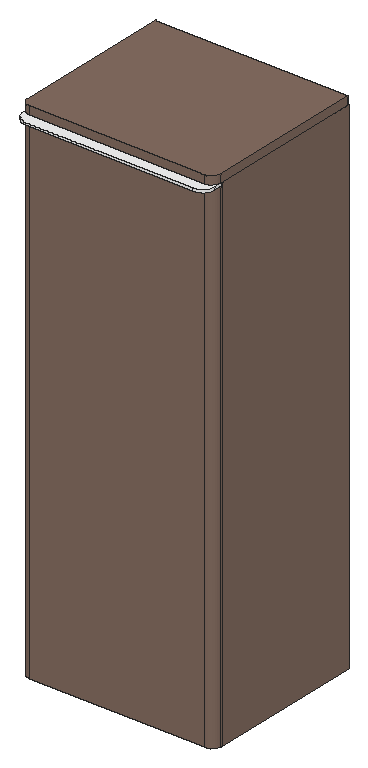
Revit family "mid-height cabinet, door hinge", category Furniture, Revit 2019 (continued)
Definition of nested family "mid-height cabinet 400_350, door hinge right-54132700-diamond matt grey-matt_white-400_content"
  Parameters (values of type "Mid-height cabinet 400_350, door hinge right-54132700-Diamond Matt Grey-MATT_WHITE-400_Content")
    OMNICLASS = "23-21 19 15 33 13 | Residential Bathroom Specialty Casework"
    OBJECTTYPE = "Object (single object)"
    OBERFLAECHE = "Diamond Matt Grey"
    NN = "Mid-height cabinet, door hinge"
    NBSYN = "$BASENUMBER.-$ARTNR.-$OBERFLAECHE.-$SURFACE.-$LODLEVEL."
    NB = "Mid-height cabinet 400/350, door hinge right-54132700-Diamond Matt Grey-MATT_WHITE-400"
    NAME = "Xelu Q Mid-height cabinet Diamond Matt Grey 400/350, door hinge right"
    Model = "Mid-height cabinet 400/350, door hinge right-54132700-Diamond Matt Grey-MATT_WHITE-400"
    Manufacturer = "Hansgrohe"
    MASTERFORMAT = "12 35 30.23 | Bathroom Casework"
    LODLEVEL = "400"
    LINA = "Mid-height cabinet 400/350, door hinge right-54132700-Diamond Matt Grey-MATT_WHITE-400"
    L = 400
    IFC = "Furnishing element"
    GTINCODE = "4059625458426"
    ETIM = "EC011381 | Bathroom furniture set"
    Default Elevation = 1219.2 mm
    DESIGN = "Germany"
    ContentVisible [instance] = yes
    CATALOG = "Hansgrohe"
    BIMOBJECT = "Sanitary: Compound units"
    BASENUMBER = "Mid-height cabinet 400/350, door hinge right"
    ARTNR = "54132700"
  Reference planes
    plane 1 "Center (Front/Back)": y = 0
    plane 2: z = 0
    plane 3 "Center (Left/Right)": x = 0
  Forms (mm)
    Extrusion 1, solid, visible <- "ContentVisible", detail levels medium+fine
      sketch origin (0, 0, 0) x (1, 0, 0) y (0, 1, 0)
        loop
          line (-200, 0) -> (-200, -325)
          arc (-200, -325) -> (-199.121, -327.121) -> (-197, -328) r 3
          line (-197, -328) -> (-184, -328) -> (-184, 0) -> (-200, 0)
      from 0 to 1050
    Extrusion 2, solid, visible <- "ContentVisible", detail levels medium+fine
      sketch origin (0, 0, 0) x (1, 0, 0) y (0, 1, 0)
        loop
          line (-184, -20) -> (-184, -327) -> (184, -327) -> (184, -20) -> (-184, -20)
      from 0 to 1050
    Extrusion 3, solid, visible <- "ContentVisible", detail levels medium+fine
      sketch origin (0, 0, 0) x (1, 0, 0) y (0, 1, 0)
        loop
          line (184, 0) -> (184, -328) -> (197, -328)
          arc (197, -328) -> (199.121, -327.121) -> (200, -325) r 3
          line (200, -325) -> (200, 0) -> (184, 0)
      from 0 to 1050
    Extrusion 4, solid, visible <- "ContentVisible", detail levels medium+fine
      sketch origin (0, 0, 2) x (1, 0, 0) y (0, 1, 0)
        loop
          line (-184, -16) -> (-184, -20) -> (184, -20) -> (184, -16) -> (-184, -16)
      from 0 to 1048
    Extrusion 5, solid, visible <- "ContentVisible", detail levels medium+fine
      sketch origin (0, 0, 2) x (1, 0, 0) y (0, 1, 0)
        loop
          arc (-200, -330) -> (-194.435, -343.435) -> (-181, -349) r 19
          line (-181, -349) -> (181, -349)
          arc (181, -349) -> (194.435, -343.435) -> (200, -330) r 19
          line (200, -330) -> (200, -328) -> (-200, -328) -> (-200, -330)
      from 0 to 1040
    Extrusion 6, solid, visible <- "ContentVisible", detail levels medium+fine
      sketch origin (0, 0, 1042) x (1, 0, 0) y (0, 1, 0)
        loop
          line (-198.5, -328) -> (-198.5, -344)
          arc (-198.5, -344) -> (-191.178, -361.678) -> (-173.5, -369) r 25
          line (-173.5, -369) -> (173.5, -369)
          arc (173.5, -369) -> (191.178, -361.678) -> (198.5, -344) r 25
          line (198.5, -344) -> (198.5, -328) -> (178.5, -328) -> (178.5, -326.5) -> (-178.5, -326.5) -> (-178.5, -328) -> (-198.5, -328)
      from 0 to 5
    Extrusion 7, solid, visible <- "ContentVisible", detail levels medium+fine
      sketch origin (0, 0, 1050) x (1, 0, 0) y (0, 1, 0)
        loop
          line (-200, -1.5) -> (-200, -331)
          arc (-200, -331) -> (-194.728, -343.728) -> (-182, -349) r 18
          line (-182, -349) -> (182, -349)
          arc (182, -349) -> (194.728, -343.728) -> (200, -331) r 18
          line (200, -331) -> (200, -1.5)
          arc (200, -1.5) -> (199.561, -0.439) -> (198.5, 0) r 1.5
          line (198.5, 0) -> (-198.5, 0)
          arc (-198.5, 0) -> (-199.561, -0.439) -> (-200, -1.5) r 1.5
      from 0 to 16
    Extrusion 8, solid, visible <- "ContentVisible", detail levels coarse
      sketch origin (0, -184.5, 0) x (1, 0, 0) y (0, 1, 0)
        loop
          line (-200, -184.5) -> (200, -184.5) -> (200, 184.5) -> (-200, 184.5) -> (-200, -184.5)
      from 0 to 1066
  Dimensions and locks
    aligned and locked: level to plane 2
Definition of nested family "mid-height cabinet 400_350, door hinge right-54133000-natural oak-chrome-200_content"
  Parameters (values of type "Mid-height cabinet 400_350, door hinge right-54133000-Natural Oak-CHROME-200_Content")
    etim7_EC011381 = "EC011381"
    WEIGHT = "25.3"
    UNSPSC = "56 | Furniture and Furnishings"
    UNIFORMATII = "E2010 | Fixed Furnishings"
    UNICLASS_2015_CODE = "40_30_78_05"
    UNICLASS2015 = "Pr_40_30_78_05 | Bathroom furniture"
    SURFACE = "CHROME"
    SPECIFICATION = "Surfaces:    - 54133000 Chrome  - 54133670 Matt Black  - 54133700 Matt White      Specification:"
    REGIONSET = "Worldwide"
    PRODUCTURL = "https://pro.hansgrohe.com/articledetail--54133000"
    PRODUCTGROUP = "bathroom vanity"
    PRODUCTFAMILY = "Xelu Q"
    PERMALINK = "54133XXX"
    OMNICLASS = "23-21 19 15 33 13 | Residential Bathroom Specialty Casework"
    OBJECTTYPE = "Object (single object)"
    OBERFLAECHE = "Natural Oak"
    NN = "Mid-height cabinet, door hinge"
    NBSYN = "$BASENUMBER.-$ARTNR.-$OBERFLAECHE.-$SURFACE.-$LODLEVEL."
    NB = "Mid-height cabinet 400/350, door hinge right-54133000-Natural Oak-CHROME-200"
    NAME = "Xelu Q Mid-height cabinet Natural Oak 400/350, door hinge right"
    Model = "Mid-height cabinet 400/350, door hinge right-54133000-Natural Oak-CHROME-200"
    Manufacturer = "Hansgrohe"
    MASTERFORMAT = "12 35 30.23 | Bathroom Casework"
    LODLEVEL = "200"
    LINA = "Mid-height cabinet 400/350, door hinge right-54133000-Natural Oak-CHROME-200"
    L = 400
    IFC = "Furnishing element"
    GTINCODE = "4059625458396"
    ETIM = "EC011381 | Bathroom furniture set"
    Default Elevation = 1219.2 mm
    DESIGN = "Germany"
    ContentVisible [instance] = yes
    CATALOG = "Hansgrohe"
    BIMOBJECT = "Sanitary: Compound units"
    BASENUMBER = "Mid-height cabinet 400/350, door hinge right"
    ARTNR = "54133000"
  Reference planes
    plane 1 "Center (Front/Back)": y = 0
    plane 2: z = 0
    plane 3 "Center (Left/Right)": x = 0
  Forms (mm)
    Extrusion 1, solid, visible <- "ContentVisible", detail levels medium+fine
      sketch origin (0, 0, 0) x (1, 0, 0) y (0, 1, 0)
        loop
          line (-200, 0) -> (-200, -349) -> (200, -349) -> (200, 0) -> (-200, 0)
      from 0 to 1066
    Extrusion 2, solid, visible <- "ContentVisible", detail levels medium+fine
      sketch origin (0, 0, 1042) x (1, 0, 0) y (0, 1, 0)
        loop
          line (-198.5, -328) -> (-198.5, -369) -> (198.5, -369) -> (198.5, -328) -> (178.5, -328) -> (178.5, -326.5) -> (-178.5, -326.5) -> (-178.5, -328) -> (-198.5, -328)
      from 0 to 5
    Extrusion 3, solid, visible <- "ContentVisible", detail levels coarse
      sketch origin (0, -184.5, 0) x (1, 0, 0) y (0, 1, 0)
        loop
          line (-200, -184.5) -> (200, -184.5) -> (200, 184.5) -> (-200, 184.5) -> (-200, -184.5)
      from 0 to 1066
  Dimensions and locks
    aligned and locked: level to plane 2
Definition of nested family "mid-height cabinet 400_350, door hinge right-54133000-natural oak-chrome-400_content"
  Parameters (values of type "Mid-height cabinet 400_350, door hinge right-54133000-Natural Oak-CHROME-400_Content")
    etim7_EC011381 = "EC011381"
    WEIGHT = "25.3"
    UNSPSC = "56 | Furniture and Furnishings"
    UNIFORMATII = "E2010 | Fixed Furnishings"
    UNICLASS_2015_CODE = "40_30_78_05"
    UNICLASS2015 = "Pr_40_30_78_05 | Bathroom furniture"
    SURFACE = "CHROME"
    SPECIFICATION = "Surfaces:    - 54133000 Chrome  - 54133670 Matt Black  - 54133700 Matt White      Specification:"
    REGIONSET = "Worldwide"
    PRODUCTURL = "https://pro.hansgrohe.com/articledetail--54133000"
    PRODUCTGROUP = "bathroom vanity"
    PRODUCTFAMILY = "Xelu Q"
    PERMALINK = "54133XXX"
    OMNICLASS = "23-21 19 15 33 13 | Residential Bathroom Specialty Casework"
    OBJECTTYPE = "Object (single object)"
    OBERFLAECHE = "Natural Oak"
    NN = "Mid-height cabinet, door hinge"
    NBSYN = "$BASENUMBER.-$ARTNR.-$OBERFLAECHE.-$SURFACE.-$LODLEVEL."
    NB = "Mid-height cabinet 400/350, door hinge right-54133000-Natural Oak-CHROME-400"
    NAME = "Xelu Q Mid-height cabinet Natural Oak 400/350, door hinge right"
    Model = "Mid-height cabinet 400/350, door hinge right-54133000-Natural Oak-CHROME-400"
    Manufacturer = "Hansgrohe"
    MASTERFORMAT = "12 35 30.23 | Bathroom Casework"
    LODLEVEL = "400"
    LINA = "Mid-height cabinet 400/350, door hinge right-54133000-Natural Oak-CHROME-400"
    L = 400
    IFC = "Furnishing element"
    GTINCODE = "4059625458396"
    ETIM = "EC011381 | Bathroom furniture set"
    Default Elevation = 1219.2 mm
    DESIGN = "Germany"
    ContentVisible [instance] = yes
    CATALOG = "Hansgrohe"
    BIMOBJECT = "Sanitary: Compound units"
    BASENUMBER = "Mid-height cabinet 400/350, door hinge right"
    ARTNR = "54133000"
  Reference planes
    plane 1 "Center (Front/Back)": y = 0
    plane 2: z = 0
    plane 3 "Center (Left/Right)": x = 0
  Forms (mm)
    Extrusion 1, solid, visible <- "ContentVisible", detail levels medium+fine
      sketch origin (0, 0, 0) x (1, 0, 0) y (0, 1, 0)
        loop
          line (-200, 0) -> (-200, -325)
          arc (-200, -325) -> (-199.121, -327.121) -> (-197, -328) r 3
          line (-197, -328) -> (-184, -328) -> (-184, 0) -> (-200, 0)
      from 0 to 1050
    Extrusion 2, solid, visible <- "ContentVisible", detail levels medium+fine
      sketch origin (0, 0, 0) x (1, 0, 0) y (0, 1, 0)
        loop
          line (-184, -20) -> (-184, -327) -> (184, -327) -> (184, -20) -> (-184, -20)
      from 0 to 1050
    Extrusion 3, solid, visible <- "ContentVisible", detail levels medium+fine
      sketch origin (0, 0, 0) x (1, 0, 0) y (0, 1, 0)
        loop
          line (184, 0) -> (184, -328) -> (197, -328)
          arc (197, -328) -> (199.121, -327.121) -> (200, -325) r 3
          line (200, -325) -> (200, 0) -> (184, 0)
      from 0 to 1050
    Extrusion 4, solid, visible <- "ContentVisible", detail levels medium+fine
      sketch origin (0, 0, 2) x (1, 0, 0) y (0, 1, 0)
        loop
          line (-184, -16) -> (-184, -20) -> (184, -20) -> (184, -16) -> (-184, -16)
      from 0 to 1048
    Extrusion 5, solid, visible <- "ContentVisible", detail levels medium+fine
      sketch origin (0, 0, 2) x (1, 0, 0) y (0, 1, 0)
        loop
          arc (-200, -330) -> (-194.435, -343.435) -> (-181, -349) r 19
          line (-181, -349) -> (181, -349)
          arc (181, -349) -> (194.435, -343.435) -> (200, -330) r 19
          line (200, -330) -> (200, -328) -> (-200, -328) -> (-200, -330)
      from 0 to 1040
    Extrusion 6, solid, visible <- "ContentVisible", detail levels medium+fine
      sketch origin (0, 0, 1042) x (1, 0, 0) y (0, 1, 0)
        loop
          line (-198.5, -328) -> (-198.5, -344)
          arc (-198.5, -344) -> (-191.178, -361.678) -> (-173.5, -369) r 25
          line (-173.5, -369) -> (173.5, -369)
          arc (173.5, -369) -> (191.178, -361.678) -> (198.5, -344) r 25
          line (198.5, -344) -> (198.5, -328) -> (178.5, -328) -> (178.5, -326.5) -> (-178.5, -326.5) -> (-178.5, -328) -> (-198.5, -328)
      from 0 to 5
    Extrusion 7, solid, visible <- "ContentVisible", detail levels medium+fine
      sketch origin (0, 0, 1050) x (1, 0, 0) y (0, 1, 0)
        loop
          line (-200, -1.5) -> (-200, -331)
          arc (-200, -331) -> (-194.728, -343.728) -> (-182, -349) r 18
          line (-182, -349) -> (182, -349)
          arc (182, -349) -> (194.728, -343.728) -> (200, -331) r 18
          line (200, -331) -> (200, -1.5)
          arc (200, -1.5) -> (199.561, -0.439) -> (198.5, 0) r 1.5
          line (198.5, 0) -> (-198.5, 0)
          arc (-198.5, 0) -> (-199.561, -0.439) -> (-200, -1.5) r 1.5
      from 0 to 16
    Extrusion 8, solid, visible <- "ContentVisible", detail levels coarse
      sketch origin (0, -184.5, 0) x (1, 0, 0) y (0, 1, 0)
        loop
          line (-200, -184.5) -> (200, -184.5) -> (200, 184.5) -> (-200, 184.5) -> (-200, -184.5)
      from 0 to 1066
  Dimensions and locks
    aligned and locked: level to plane 2
Definition of nested family "mid-height cabinet 400_350, door hinge right-54133670-natural oak-matt_black-200_content"
  Parameters (values of type "Mid-height cabinet 400_350, door hinge right-54133670-Natural Oak-MATT_BLACK-200_Content")
    etim7_EC011381 = "EC011381"
    WEIGHT = "25.3"
    UNSPSC = "56 | Furniture and Furnishings"
    UNIFORMATII = "E2010 | Fixed Furnishings"
    UNICLASS_2015_CODE = "40_30_78_05"
    UNICLASS2015 = "Pr_40_30_78_05 | Bathroom furniture"
    SURFACE = "MATT_BLACK"
    SPECIFICATION = "Surfaces:    - 54133000 Chrome  - 54133670 Matt Black  - 54133700 Matt White      Specification:"
    REGIONSET = "Worldwide"
    PRODUCTURL = "https://pro.hansgrohe.com/articledetail--54133000"
    PRODUCTGROUP = "bathroom vanity"
    PRODUCTFAMILY = "Xelu Q"
    PERMALINK = "54133XXX"
    OMNICLASS = "23-21 19 15 33 13 | Residential Bathroom Specialty Casework"
    OBJECTTYPE = "Object (single object)"
    OBERFLAECHE = "Natural Oak"
    NN = "Mid-height cabinet, door hinge"
    NBSYN = "$BASENUMBER.-$ARTNR.-$OBERFLAECHE.-$SURFACE.-$LODLEVEL."
    NB = "Mid-height cabinet 400/350, door hinge right-54133670-Natural Oak-MATT_BLACK-200"
    NAME = "Xelu Q Mid-height cabinet Natural Oak 400/350, door hinge right"
    Model = "Mid-height cabinet 400/350, door hinge right-54133670-Natural Oak-MATT_BLACK-200"
    Manufacturer = "Hansgrohe"
    MASTERFORMAT = "12 35 30.23 | Bathroom Casework"
    LODLEVEL = "200"
    LINA = "Mid-height cabinet 400/350, door hinge right-54133670-Natural Oak-MATT_BLACK-200"
    L = 400
    IFC = "Furnishing element"
    GTINCODE = "4059625458396"
    ETIM = "EC011381 | Bathroom furniture set"
    Default Elevation = 1219.2 mm
    DESIGN = "Germany"
    ContentVisible [instance] = yes
    CATALOG = "Hansgrohe"
    BIMOBJECT = "Sanitary: Compound units"
    BASENUMBER = "Mid-height cabinet 400/350, door hinge right"
    ARTNR = "54133670"
  Reference planes
    plane 1 "Center (Front/Back)": y = 0
    plane 2: z = 0
    plane 3 "Center (Left/Right)": x = 0
  Forms (mm)
    Extrusion 1, solid, visible <- "ContentVisible", detail levels medium+fine
      sketch origin (0, 0, 0) x (1, 0, 0) y (0, 1, 0)
        loop
          line (-200, 0) -> (-200, -349) -> (200, -349) -> (200, 0) -> (-200, 0)
      from 0 to 1066
    Extrusion 2, solid, visible <- "ContentVisible", detail levels medium+fine
      sketch origin (0, 0, 1042) x (1, 0, 0) y (0, 1, 0)
        loop
          line (-198.5, -328) -> (-198.5, -369) -> (198.5, -369) -> (198.5, -328) -> (178.5, -328) -> (178.5, -326.5) -> (-178.5, -326.5) -> (-178.5, -328) -> (-198.5, -328)
      from 0 to 5
    Extrusion 3, solid, visible <- "ContentVisible", detail levels coarse
      sketch origin (0, -184.5, 0) x (1, 0, 0) y (0, 1, 0)
        loop
          line (-200, -184.5) -> (200, -184.5) -> (200, 184.5) -> (-200, 184.5) -> (-200, -184.5)
      from 0 to 1066
  Dimensions and locks
    aligned and locked: level to plane 2
Definition of nested family "mid-height cabinet 400_350, door hinge right-54133670-natural oak-matt_black-400_content"
  Parameters (values of type "Mid-height cabinet 400_350, door hinge right-54133670-Natural Oak-MATT_BLACK-400_Content")
    etim7_EC011381 = "EC011381"
    WEIGHT = "25.3"
    UNSPSC = "56 | Furniture and Furnishings"
    UNIFORMATII = "E2010 | Fixed Furnishings"
    UNICLASS_2015_CODE = "40_30_78_05"
    UNICLASS2015 = "Pr_40_30_78_05 | Bathroom furniture"
    SURFACE = "MATT_BLACK"
    SPECIFICATION = "Surfaces:    - 54133000 Chrome  - 54133670 Matt Black  - 54133700 Matt White      Specification:"
    REGIONSET = "Worldwide"
    PRODUCTURL = "https://pro.hansgrohe.com/articledetail--54133000"
    PRODUCTGROUP = "bathroom vanity"
    PRODUCTFAMILY = "Xelu Q"
    PERMALINK = "54133XXX"
    OMNICLASS = "23-21 19 15 33 13 | Residential Bathroom Specialty Casework"
    OBJECTTYPE = "Object (single object)"
    OBERFLAECHE = "Natural Oak"
    NN = "Mid-height cabinet, door hinge"
    NBSYN = "$BASENUMBER.-$ARTNR.-$OBERFLAECHE.-$SURFACE.-$LODLEVEL."
    NB = "Mid-height cabinet 400/350, door hinge right-54133670-Natural Oak-MATT_BLACK-400"
    NAME = "Xelu Q Mid-height cabinet Natural Oak 400/350, door hinge right"
    Model = "Mid-height cabinet 400/350, door hinge right-54133670-Natural Oak-MATT_BLACK-400"
    Manufacturer = "Hansgrohe"
    MASTERFORMAT = "12 35 30.23 | Bathroom Casework"
    LODLEVEL = "400"
    LINA = "Mid-height cabinet 400/350, door hinge right-54133670-Natural Oak-MATT_BLACK-400"
    L = 400
    IFC = "Furnishing element"
    GTINCODE = "4059625458396"
    ETIM = "EC011381 | Bathroom furniture set"
    Default Elevation = 1219.2 mm
    DESIGN = "Germany"
    ContentVisible [instance] = yes
    CATALOG = "Hansgrohe"
    BIMOBJECT = "Sanitary: Compound units"
    BASENUMBER = "Mid-height cabinet 400/350, door hinge right"
    ARTNR = "54133670"
  Reference planes
    plane 1 "Center (Front/Back)": y = 0
    plane 2: z = 0
    plane 3 "Center (Left/Right)": x = 0
  Forms (mm)
    Extrusion 1, solid, visible <- "ContentVisible", detail levels medium+fine
      sketch origin (0, 0, 0) x (1, 0, 0) y (0, 1, 0)
        loop
          line (-200, 0) -> (-200, -325)
          arc (-200, -325) -> (-199.121, -327.121) -> (-197, -328) r 3
          line (-197, -328) -> (-184, -328) -> (-184, 0) -> (-200, 0)
      from 0 to 1050
    Extrusion 2, solid, visible <- "ContentVisible", detail levels medium+fine
      sketch origin (0, 0, 0) x (1, 0, 0) y (0, 1, 0)
        loop
          line (-184, -20) -> (-184, -327) -> (184, -327) -> (184, -20) -> (-184, -20)
      from 0 to 1050
    Extrusion 3, solid, visible <- "ContentVisible", detail levels medium+fine
      sketch origin (0, 0, 0) x (1, 0, 0) y (0, 1, 0)
        loop
          line (184, 0) -> (184, -328) -> (197, -328)
          arc (197, -328) -> (199.121, -327.121) -> (200, -325) r 3
          line (200, -325) -> (200, 0) -> (184, 0)
      from 0 to 1050
    Extrusion 4, solid, visible <- "ContentVisible", detail levels medium+fine
      sketch origin (0, 0, 2) x (1, 0, 0) y (0, 1, 0)
        loop
          line (-184, -16) -> (-184, -20) -> (184, -20) -> (184, -16) -> (-184, -16)
      from 0 to 1048
    Extrusion 5, solid, visible <- "ContentVisible", detail levels medium+fine
      sketch origin (0, 0, 2) x (1, 0, 0) y (0, 1, 0)
        loop
          arc (-200, -330) -> (-194.435, -343.435) -> (-181, -349) r 19
          line (-181, -349) -> (181, -349)
          arc (181, -349) -> (194.435, -343.435) -> (200, -330) r 19
          line (200, -330) -> (200, -328) -> (-200, -328) -> (-200, -330)
      from 0 to 1040
    Extrusion 6, solid, visible <- "ContentVisible", detail levels medium+fine
      sketch origin (0, 0, 1042) x (1, 0, 0) y (0, 1, 0)
        loop
          line (-198.5, -328) -> (-198.5, -344)
          arc (-198.5, -344) -> (-191.178, -361.678) -> (-173.5, -369) r 25
          line (-173.5, -369) -> (173.5, -369)
          arc (173.5, -369) -> (191.178, -361.678) -> (198.5, -344) r 25
          line (198.5, -344) -> (198.5, -328) -> (178.5, -328) -> (178.5, -326.5) -> (-178.5, -326.5) -> (-178.5, -328) -> (-198.5, -328)
      from 0 to 5
    Extrusion 7, solid, visible <- "ContentVisible", detail levels medium+fine
      sketch origin (0, 0, 1050) x (1, 0, 0) y (0, 1, 0)
        loop
          line (-200, -1.5) -> (-200, -331)
          arc (-200, -331) -> (-194.728, -343.728) -> (-182, -349) r 18
          line (-182, -349) -> (182, -349)
          arc (182, -349) -> (194.728, -343.728) -> (200, -331) r 18
          line (200, -331) -> (200, -1.5)
          arc (200, -1.5) -> (199.561, -0.439) -> (198.5, 0) r 1.5
          line (198.5, 0) -> (-198.5, 0)
          arc (-198.5, 0) -> (-199.561, -0.439) -> (-200, -1.5) r 1.5
      from 0 to 16
    Extrusion 8, solid, visible <- "ContentVisible", detail levels coarse
      sketch origin (0, -184.5, 0) x (1, 0, 0) y (0, 1, 0)
        loop
          line (-200, -184.5) -> (200, -184.5) -> (200, 184.5) -> (-200, 184.5) -> (-200, -184.5)
      from 0 to 1066
  Dimensions and locks
    aligned and locked: level to plane 2
Definition of nested family "mid-height cabinet 400_350, door hinge right-54133700-natural oak-matt_white-200_content"
  Parameters (values of type "Mid-height cabinet 400_350, door hinge right-54133700-Natural Oak-MATT_WHITE-200_Content")
    etim7_EC011381 = "EC011381"
    WEIGHT = "25.3"
    UNSPSC = "56 | Furniture and Furnishings"
    UNIFORMATII = "E2010 | Fixed Furnishings"
    UNICLASS_2015_CODE = "40_30_78_05"
    UNICLASS2015 = "Pr_40_30_78_05 | Bathroom furniture"
    SURFACE = "MATT_WHITE"
    SPECIFICATION = "Surfaces:    - 54133000 Chrome  - 54133670 Matt Black  - 54133700 Matt White      Specification:"
    REGIONSET = "Worldwide"
    PRODUCTURL = "https://pro.hansgrohe.com/articledetail--54133000"
    PRODUCTGROUP = "bathroom vanity"
    PRODUCTFAMILY = "Xelu Q"
    PERMALINK = "54133XXX"
    OMNICLASS = "23-21 19 15 33 13 | Residential Bathroom Specialty Casework"
    OBJECTTYPE = "Object (single object)"
    OBERFLAECHE = "Natural Oak"
    NN = "Mid-height cabinet, door hinge"
    NBSYN = "$BASENUMBER.-$ARTNR.-$OBERFLAECHE.-$SURFACE.-$LODLEVEL."
    NB = "Mid-height cabinet 400/350, door hinge right-54133700-Natural Oak-MATT_WHITE-200"
    NAME = "Xelu Q Mid-height cabinet Natural Oak 400/350, door hinge right"
    Model = "Mid-height cabinet 400/350, door hinge right-54133700-Natural Oak-MATT_WHITE-200"
    Manufacturer = "Hansgrohe"
    MASTERFORMAT = "12 35 30.23 | Bathroom Casework"
    LODLEVEL = "200"
    LINA = "Mid-height cabinet 400/350, door hinge right-54133700-Natural Oak-MATT_WHITE-200"
    L = 400
    IFC = "Furnishing element"
    GTINCODE = "4059625458396"
    ETIM = "EC011381 | Bathroom furniture set"
    Default Elevation = 1219.2 mm
    DESIGN = "Germany"
    ContentVisible [instance] = yes
    CATALOG = "Hansgrohe"
    BIMOBJECT = "Sanitary: Compound units"
    BASENUMBER = "Mid-height cabinet 400/350, door hinge right"
    ARTNR = "54133700"
  Reference planes
    plane 1 "Center (Front/Back)": y = 0
    plane 2: z = 0
    plane 3 "Center (Left/Right)": x = 0
  Forms (mm)
    Extrusion 1, solid, visible <- "ContentVisible", detail levels medium+fine
      sketch origin (0, 0, 0) x (1, 0, 0) y (0, 1, 0)
        loop
          line (-200, 0) -> (-200, -349) -> (200, -349) -> (200, 0) -> (-200, 0)
      from 0 to 1066
    Extrusion 2, solid, visible <- "ContentVisible", detail levels medium+fine
      sketch origin (0, 0, 1042) x (1, 0, 0) y (0, 1, 0)
        loop
          line (-198.5, -328) -> (-198.5, -369) -> (198.5, -369) -> (198.5, -328) -> (178.5, -328) -> (178.5, -326.5) -> (-178.5, -326.5) -> (-178.5, -328) -> (-198.5, -328)
      from 0 to 5
    Extrusion 3, solid, visible <- "ContentVisible", detail levels coarse
      sketch origin (0, -184.5, 0) x (1, 0, 0) y (0, 1, 0)
        loop
          line (-200, -184.5) -> (200, -184.5) -> (200, 184.5) -> (-200, 184.5) -> (-200, -184.5)
      from 0 to 1066
  Dimensions and locks
    aligned and locked: level to plane 2
Definition of nested family "mid-height cabinet 400_350, door hinge right-54133700-natural oak-matt_white-400_content"
  Parameters (values of type "Mid-height cabinet 400_350, door hinge right-54133700-Natural Oak-MATT_WHITE-400_Content")
    etim7_EC011381 = "EC011381"
    WEIGHT = "25.3"
    UNSPSC = "56 | Furniture and Furnishings"
    UNIFORMATII = "E2010 | Fixed Furnishings"
    UNICLASS_2015_CODE = "40_30_78_05"
    UNICLASS2015 = "Pr_40_30_78_05 | Bathroom furniture"
    SURFACE = "MATT_WHITE"
    SPECIFICATION = "Surfaces:    - 54133000 Chrome  - 54133670 Matt Black  - 54133700 Matt White      Specification:"
    REGIONSET = "Worldwide"
    PRODUCTURL = "https://pro.hansgrohe.com/articledetail--54133000"
    PRODUCTGROUP = "bathroom vanity"
    PRODUCTFAMILY = "Xelu Q"
    PERMALINK = "54133XXX"
    OMNICLASS = "23-21 19 15 33 13 | Residential Bathroom Specialty Casework"
    OBJECTTYPE = "Object (single object)"
    OBERFLAECHE = "Natural Oak"
    NN = "Mid-height cabinet, door hinge"
    NBSYN = "$BASENUMBER.-$ARTNR.-$OBERFLAECHE.-$SURFACE.-$LODLEVEL."
    NB = "Mid-height cabinet 400/350, door hinge right-54133700-Natural Oak-MATT_WHITE-400"
    NAME = "Xelu Q Mid-height cabinet Natural Oak 400/350, door hinge right"
    Model = "Mid-height cabinet 400/350, door hinge right-54133700-Natural Oak-MATT_WHITE-400"
    Manufacturer = "Hansgrohe"
    MASTERFORMAT = "12 35 30.23 | Bathroom Casework"
    LODLEVEL = "400"
    LINA = "Mid-height cabinet 400/350, door hinge right-54133700-Natural Oak-MATT_WHITE-400"
    L = 400
    IFC = "Furnishing element"
    GTINCODE = "4059625458396"
    ETIM = "EC011381 | Bathroom furniture set"
    Default Elevation = 1219.2 mm
    DESIGN = "Germany"
    ContentVisible [instance] = yes
    CATALOG = "Hansgrohe"
    BIMOBJECT = "Sanitary: Compound units"
    BASENUMBER = "Mid-height cabinet 400/350, door hinge right"
    ARTNR = "54133700"
  Reference planes
    plane 1 "Center (Front/Back)": y = 0
    plane 2: z = 0
    plane 3 "Center (Left/Right)": x = 0
  Forms (mm)
    Extrusion 1, solid, visible <- "ContentVisible", detail levels medium+fine
      sketch origin (0, 0, 0) x (1, 0, 0) y (0, 1, 0)
        loop
          line (-200, 0) -> (-200, -325)
          arc (-200, -325) -> (-199.121, -327.121) -> (-197, -328) r 3
          line (-197, -328) -> (-184, -328) -> (-184, 0) -> (-200, 0)
      from 0 to 1050
    Extrusion 2, solid, visible <- "ContentVisible", detail levels medium+fine
      sketch origin (0, 0, 0) x (1, 0, 0) y (0, 1, 0)
        loop
          line (-184, -20) -> (-184, -327) -> (184, -327) -> (184, -20) -> (-184, -20)
      from 0 to 1050
    Extrusion 3, solid, visible <- "ContentVisible", detail levels medium+fine
      sketch origin (0, 0, 0) x (1, 0, 0) y (0, 1, 0)
        loop
          line (184, 0) -> (184, -328) -> (197, -328)
          arc (197, -328) -> (199.121, -327.121) -> (200, -325) r 3
          line (200, -325) -> (200, 0) -> (184, 0)
      from 0 to 1050
    Extrusion 4, solid, visible <- "ContentVisible", detail levels medium+fine
      sketch origin (0, 0, 2) x (1, 0, 0) y (0, 1, 0)
        loop
          line (-184, -16) -> (-184, -20) -> (184, -20) -> (184, -16) -> (-184, -16)
      from 0 to 1048
    Extrusion 5, solid, visible <- "ContentVisible", detail levels medium+fine
      sketch origin (0, 0, 2) x (1, 0, 0) y (0, 1, 0)
        loop
          arc (-200, -330) -> (-194.435, -343.435) -> (-181, -349) r 19
          line (-181, -349) -> (181, -349)
          arc (181, -349) -> (194.435, -343.435) -> (200, -330) r 19
          line (200, -330) -> (200, -328) -> (-200, -328) -> (-200, -330)
      from 0 to 1040
    Extrusion 6, solid, visible <- "ContentVisible", detail levels medium+fine
      sketch origin (0, 0, 1042) x (1, 0, 0) y (0, 1, 0)
        loop
          line (-198.5, -328) -> (-198.5, -344)
          arc (-198.5, -344) -> (-191.178, -361.678) -> (-173.5, -369) r 25
          line (-173.5, -369) -> (173.5, -369)
          arc (173.5, -369) -> (191.178, -361.678) -> (198.5, -344) r 25
          line (198.5, -344) -> (198.5, -328) -> (178.5, -328) -> (178.5, -326.5) -> (-178.5, -326.5) -> (-178.5, -328) -> (-198.5, -328)
      from 0 to 5
    Extrusion 7, solid, visible <- "ContentVisible", detail levels medium+fine
      sketch origin (0, 0, 1050) x (1, 0, 0) y (0, 1, 0)
        loop
          line (-200, -1.5) -> (-200, -331)
          arc (-200, -331) -> (-194.728, -343.728) -> (-182, -349) r 18
          line (-182, -349) -> (182, -349)
          arc (182, -349) -> (194.728, -343.728) -> (200, -331) r 18
          line (200, -331) -> (200, -1.5)
          arc (200, -1.5) -> (199.561, -0.439) -> (198.5, 0) r 1.5
          line (198.5, 0) -> (-198.5, 0)
          arc (-198.5, 0) -> (-199.561, -0.439) -> (-200, -1.5) r 1.5
      from 0 to 16
    Extrusion 8, solid, visible <- "ContentVisible", detail levels coarse
      sketch origin (0, -184.5, 0) x (1, 0, 0) y (0, 1, 0)
        loop
          line (-200, -184.5) -> (200, -184.5) -> (200, 184.5) -> (-200, 184.5) -> (-200, -184.5)
      from 0 to 1066
  Dimensions and locks
    aligned and locked: level to plane 2
Definition of nested family "mid-height cabinet 400_350, door hinge right-54134000-dark walnut-chrome-200_content"
  Parameters (values of type "Mid-height cabinet 400_350, door hinge right-54134000-Dark Walnut-CHROME-200_Content")
    etim7_EC011381 = "EC011381"
    WEIGHT = "25.3"
    UNSPSC = "56 | Furniture and Furnishings"
    UNIFORMATII = "E2010 | Fixed Furnishings"
    UNICLASS_2015_CODE = "40_30_78_05"
    UNICLASS2015 = "Pr_40_30_78_05 | Bathroom furniture"
    SURFACE = "CHROME"
    SPECIFICATION = "Surfaces:    - 54134000 Chrome  - 54134670 Matt Black  - 54134700 Matt White      Specification:"
    REGIONSET = "Worldwide"
    PRODUCTURL = "https://pro.hansgrohe.com/articledetail--54134000"
    PRODUCTGROUP = "bathroom vanity"
    PRODUCTFAMILY = "Xelu Q"
    PERMALINK = "54134XXX"
    OMNICLASS = "23-21 19 15 33 13 | Residential Bathroom Specialty Casework"
    OBJECTTYPE = "Object (single object)"
    OBERFLAECHE = "Dark Walnut"
    NN = "Mid-height cabinet, door hinge"
    NBSYN = "$BASENUMBER.-$ARTNR.-$OBERFLAECHE.-$SURFACE.-$LODLEVEL."
    NB = "Mid-height cabinet 400/350, door hinge right-54134000-Dark Walnut-CHROME-200"
    NAME = "Xelu Q Mid-height cabinet Dark Walnut 400/350, door hinge right"
    Model = "Mid-height cabinet 400/350, door hinge right-54134000-Dark Walnut-CHROME-200"
    Manufacturer = "Hansgrohe"
    MASTERFORMAT = "12 35 30.23 | Bathroom Casework"
    LODLEVEL = "200"
    LINA = "Mid-height cabinet 400/350, door hinge right-54134000-Dark Walnut-CHROME-200"
    L = 400
    IFC = "Furnishing element"
    GTINCODE = "4059625458365"
    ETIM = "EC011381 | Bathroom furniture set"
    Default Elevation = 1219.2 mm
    DESIGN = "Germany"
    ContentVisible [instance] = yes
    CATALOG = "Hansgrohe"
    BIMOBJECT = "Sanitary: Compound units"
    BASENUMBER = "Mid-height cabinet 400/350, door hinge right"
    ARTNR = "54134000"
  Reference planes
    plane 1 "Center (Front/Back)": y = 0
    plane 2: z = 0
    plane 3 "Center (Left/Right)": x = 0
  Forms (mm)
    Extrusion 1, solid, visible <- "ContentVisible", detail levels medium+fine
      sketch origin (0, 0, 0) x (1, 0, 0) y (0, 1, 0)
        loop
          line (-200, 0) -> (-200, -349) -> (200, -349) -> (200, 0) -> (-200, 0)
      from 0 to 1066
    Extrusion 2, solid, visible <- "ContentVisible", detail levels medium+fine
      sketch origin (0, 0, 1042) x (1, 0, 0) y (0, 1, 0)
        loop
          line (-198.5, -328) -> (-198.5, -369) -> (198.5, -369) -> (198.5, -328) -> (178.5, -328) -> (178.5, -326.5) -> (-178.5, -326.5) -> (-178.5, -328) -> (-198.5, -328)
      from 0 to 5
    Extrusion 3, solid, visible <- "ContentVisible", detail levels coarse
      sketch origin (0, -184.5, 0) x (1, 0, 0) y (0, 1, 0)
        loop
          line (-200, -184.5) -> (200, -184.5) -> (200, 184.5) -> (-200, 184.5) -> (-200, -184.5)
      from 0 to 1066
  Dimensions and locks
    aligned and locked: level to plane 2
Definition of nested family "mid-height cabinet 400_350, door hinge right-54134000-dark walnut-chrome-400_content"
  Parameters (values of type "Mid-height cabinet 400_350, door hinge right-54134000-Dark Walnut-CHROME-400_Content")
    etim7_EC011381 = "EC011381"
    WEIGHT = "25.3"
    UNSPSC = "56 | Furniture and Furnishings"
    UNIFORMATII = "E2010 | Fixed Furnishings"
    UNICLASS_2015_CODE = "40_30_78_05"
    UNICLASS2015 = "Pr_40_30_78_05 | Bathroom furniture"
    SURFACE = "CHROME"
    SPECIFICATION = "Surfaces:    - 54134000 Chrome  - 54134670 Matt Black  - 54134700 Matt White      Specification:"
    REGIONSET = "Worldwide"
    PRODUCTURL = "https://pro.hansgrohe.com/articledetail--54134000"
    PRODUCTGROUP = "bathroom vanity"
    PRODUCTFAMILY = "Xelu Q"
    PERMALINK = "54134XXX"
    OMNICLASS = "23-21 19 15 33 13 | Residential Bathroom Specialty Casework"
    OBJECTTYPE = "Object (single object)"
    OBERFLAECHE = "Dark Walnut"
    NN = "Mid-height cabinet, door hinge"
    NBSYN = "$BASENUMBER.-$ARTNR.-$OBERFLAECHE.-$SURFACE.-$LODLEVEL."
    NB = "Mid-height cabinet 400/350, door hinge right-54134000-Dark Walnut-CHROME-400"
    NAME = "Xelu Q Mid-height cabinet Dark Walnut 400/350, door hinge right"
    Model = "Mid-height cabinet 400/350, door hinge right-54134000-Dark Walnut-CHROME-400"
    Manufacturer = "Hansgrohe"
    MASTERFORMAT = "12 35 30.23 | Bathroom Casework"
    LODLEVEL = "400"
    LINA = "Mid-height cabinet 400/350, door hinge right-54134000-Dark Walnut-CHROME-400"
    L = 400
    IFC = "Furnishing element"
    GTINCODE = "4059625458365"
    ETIM = "EC011381 | Bathroom furniture set"
    Default Elevation = 1219.2 mm
    DESIGN = "Germany"
    ContentVisible [instance] = yes
    CATALOG = "Hansgrohe"
    BIMOBJECT = "Sanitary: Compound units"
    BASENUMBER = "Mid-height cabinet 400/350, door hinge right"
    ARTNR = "54134000"
  Reference planes
    plane 1 "Center (Front/Back)": y = 0
    plane 2: z = 0
    plane 3 "Center (Left/Right)": x = 0
  Forms (mm)
    Extrusion 1, solid, visible <- "ContentVisible", detail levels medium+fine
      sketch origin (0, 0, 0) x (1, 0, 0) y (0, 1, 0)
        loop
          line (-200, 0) -> (-200, -325)
          arc (-200, -325) -> (-199.121, -327.121) -> (-197, -328) r 3
          line (-197, -328) -> (-184, -328) -> (-184, 0) -> (-200, 0)
      from 0 to 1050
    Extrusion 2, solid, visible <- "ContentVisible", detail levels medium+fine
      sketch origin (0, 0, 0) x (1, 0, 0) y (0, 1, 0)
        loop
          line (-184, -20) -> (-184, -327) -> (184, -327) -> (184, -20) -> (-184, -20)
      from 0 to 1050
    Extrusion 3, solid, visible <- "ContentVisible", detail levels medium+fine
      sketch origin (0, 0, 0) x (1, 0, 0) y (0, 1, 0)
        loop
          line (184, 0) -> (184, -328) -> (197, -328)
          arc (197, -328) -> (199.121, -327.121) -> (200, -325) r 3
          line (200, -325) -> (200, 0) -> (184, 0)
      from 0 to 1050
    Extrusion 4, solid, visible <- "ContentVisible", detail levels medium+fine
      sketch origin (0, 0, 2) x (1, 0, 0) y (0, 1, 0)
        loop
          line (-184, -16) -> (-184, -20) -> (184, -20) -> (184, -16) -> (-184, -16)
      from 0 to 1048
    Extrusion 5, solid, visible <- "ContentVisible", detail levels medium+fine
      sketch origin (0, 0, 2) x (1, 0, 0) y (0, 1, 0)
        loop
          arc (-200, -330) -> (-194.435, -343.435) -> (-181, -349) r 19
          line (-181, -349) -> (181, -349)
          arc (181, -349) -> (194.435, -343.435) -> (200, -330) r 19
          line (200, -330) -> (200, -328) -> (-200, -328) -> (-200, -330)
      from 0 to 1040
    Extrusion 6, solid, visible <- "ContentVisible", detail levels medium+fine
      sketch origin (0, 0, 1042) x (1, 0, 0) y (0, 1, 0)
        loop
          line (-198.5, -328) -> (-198.5, -344)
          arc (-198.5, -344) -> (-191.178, -361.678) -> (-173.5, -369) r 25
          line (-173.5, -369) -> (173.5, -369)
          arc (173.5, -369) -> (191.178, -361.678) -> (198.5, -344) r 25
          line (198.5, -344) -> (198.5, -328) -> (178.5, -328) -> (178.5, -326.5) -> (-178.5, -326.5) -> (-178.5, -328) -> (-198.5, -328)
      from 0 to 5
    Extrusion 7, solid, visible <- "ContentVisible", detail levels medium+fine
      sketch origin (0, 0, 1050) x (1, 0, 0) y (0, 1, 0)
        loop
          line (-200, -1.5) -> (-200, -331)
          arc (-200, -331) -> (-194.728, -343.728) -> (-182, -349) r 18
          line (-182, -349) -> (182, -349)
          arc (182, -349) -> (194.728, -343.728) -> (200, -331) r 18
          line (200, -331) -> (200, -1.5)
          arc (200, -1.5) -> (199.561, -0.439) -> (198.5, 0) r 1.5
          line (198.5, 0) -> (-198.5, 0)
          arc (-198.5, 0) -> (-199.561, -0.439) -> (-200, -1.5) r 1.5
      from 0 to 16
    Extrusion 8, solid, visible <- "ContentVisible", detail levels coarse
      sketch origin (0, -184.5, 0) x (1, 0, 0) y (0, 1, 0)
        loop
          line (-200, -184.5) -> (200, -184.5) -> (200, 184.5) -> (-200, 184.5) -> (-200, -184.5)
      from 0 to 1066
  Dimensions and locks
    aligned and locked: level to plane 2
Definition of nested family "mid-height cabinet 400_350, door hinge right-54134670-dark walnut-matt_black-200_content"
  Parameters (values of type "Mid-height cabinet 400_350, door hinge right-54134670-Dark Walnut-MATT_BLACK-200_Content")
    etim7_EC011381 = "EC011381"
    WEIGHT = "25.3"
    UNSPSC = "56 | Furniture and Furnishings"
    UNIFORMATII = "E2010 | Fixed Furnishings"
    UNICLASS_2015_CODE = "40_30_78_05"
    UNICLASS2015 = "Pr_40_30_78_05 | Bathroom furniture"
    SURFACE = "MATT_BLACK"
    SPECIFICATION = "Surfaces:    - 54134000 Chrome  - 54134670 Matt Black  - 54134700 Matt White      Specification:"
    REGIONSET = "Worldwide"
    PRODUCTURL = "https://pro.hansgrohe.com/articledetail--54134000"
    PRODUCTGROUP = "bathroom vanity"
    PRODUCTFAMILY = "Xelu Q"
    PERMALINK = "54134XXX"
    OMNICLASS = "23-21 19 15 33 13 | Residential Bathroom Specialty Casework"
    OBJECTTYPE = "Object (single object)"
    OBERFLAECHE = "Dark Walnut"
    NN = "Mid-height cabinet, door hinge"
    NBSYN = "$BASENUMBER.-$ARTNR.-$OBERFLAECHE.-$SURFACE.-$LODLEVEL."
    NB = "Mid-height cabinet 400/350, door hinge right-54134670-Dark Walnut-MATT_BLACK-200"
    NAME = "Xelu Q Mid-height cabinet Dark Walnut 400/350, door hinge right"
    Model = "Mid-height cabinet 400/350, door hinge right-54134670-Dark Walnut-MATT_BLACK-200"
    Manufacturer = "Hansgrohe"
    MASTERFORMAT = "12 35 30.23 | Bathroom Casework"
    LODLEVEL = "200"
    LINA = "Mid-height cabinet 400/350, door hinge right-54134670-Dark Walnut-MATT_BLACK-200"
    L = 400
    IFC = "Furnishing element"
    GTINCODE = "4059625458365"
    ETIM = "EC011381 | Bathroom furniture set"
    Default Elevation = 1219.2 mm
    DESIGN = "Germany"
    ContentVisible [instance] = yes
    CATALOG = "Hansgrohe"
    BIMOBJECT = "Sanitary: Compound units"
    BASENUMBER = "Mid-height cabinet 400/350, door hinge right"
    ARTNR = "54134670"
  Reference planes
    plane 1 "Center (Front/Back)": y = 0
    plane 2: z = 0
    plane 3 "Center (Left/Right)": x = 0
  Forms (mm)
    Extrusion 1, solid, visible <- "ContentVisible", detail levels medium+fine
      sketch origin (0, 0, 0) x (1, 0, 0) y (0, 1, 0)
        loop
          line (-200, 0) -> (-200, -349) -> (200, -349) -> (200, 0) -> (-200, 0)
      from 0 to 1066
    Extrusion 2, solid, visible <- "ContentVisible", detail levels medium+fine
      sketch origin (0, 0, 1042) x (1, 0, 0) y (0, 1, 0)
        loop
          line (-198.5, -328) -> (-198.5, -369) -> (198.5, -369) -> (198.5, -328) -> (178.5, -328) -> (178.5, -326.5) -> (-178.5, -326.5) -> (-178.5, -328) -> (-198.5, -328)
      from 0 to 5
    Extrusion 3, solid, visible <- "ContentVisible", detail levels coarse
      sketch origin (0, -184.5, 0) x (1, 0, 0) y (0, 1, 0)
        loop
          line (-200, -184.5) -> (200, -184.5) -> (200, 184.5) -> (-200, 184.5) -> (-200, -184.5)
      from 0 to 1066
  Dimensions and locks
    aligned and locked: level to plane 2
Definition of nested family "mid-height cabinet 400_350, door hinge right-54134670-dark walnut-matt_black-400_content"
  Parameters (values of type "Mid-height cabinet 400_350, door hinge right-54134670-Dark Walnut-MATT_BLACK-400_Content")
    etim7_EC011381 = "EC011381"
    WEIGHT = "25.3"
    UNSPSC = "56 | Furniture and Furnishings"
    UNIFORMATII = "E2010 | Fixed Furnishings"
    UNICLASS_2015_CODE = "40_30_78_05"
    UNICLASS2015 = "Pr_40_30_78_05 | Bathroom furniture"
    SURFACE = "MATT_BLACK"
    SPECIFICATION = "Surfaces:    - 54134000 Chrome  - 54134670 Matt Black  - 54134700 Matt White      Specification:"
    REGIONSET = "Worldwide"
    PRODUCTURL = "https://pro.hansgrohe.com/articledetail--54134000"
    PRODUCTGROUP = "bathroom vanity"
    PRODUCTFAMILY = "Xelu Q"
    PERMALINK = "54134XXX"
    OMNICLASS = "23-21 19 15 33 13 | Residential Bathroom Specialty Casework"
    OBJECTTYPE = "Object (single object)"
    OBERFLAECHE = "Dark Walnut"
    NN = "Mid-height cabinet, door hinge"
    NBSYN = "$BASENUMBER.-$ARTNR.-$OBERFLAECHE.-$SURFACE.-$LODLEVEL."
    NB = "Mid-height cabinet 400/350, door hinge right-54134670-Dark Walnut-MATT_BLACK-400"
    NAME = "Xelu Q Mid-height cabinet Dark Walnut 400/350, door hinge right"
    Model = "Mid-height cabinet 400/350, door hinge right-54134670-Dark Walnut-MATT_BLACK-400"
    Manufacturer = "Hansgrohe"
    MASTERFORMAT = "12 35 30.23 | Bathroom Casework"
    LODLEVEL = "400"
    LINA = "Mid-height cabinet 400/350, door hinge right-54134670-Dark Walnut-MATT_BLACK-400"
    L = 400
    IFC = "Furnishing element"
    GTINCODE = "4059625458365"
    ETIM = "EC011381 | Bathroom furniture set"
    Default Elevation = 1219.2 mm
    DESIGN = "Germany"
    ContentVisible [instance] = yes
    CATALOG = "Hansgrohe"
    BIMOBJECT = "Sanitary: Compound units"
    BASENUMBER = "Mid-height cabinet 400/350, door hinge right"
    ARTNR = "54134670"
  Reference planes
    plane 1 "Center (Front/Back)": y = 0
    plane 2: z = 0
    plane 3 "Center (Left/Right)": x = 0
  Forms (mm)
    Extrusion 1, solid, visible <- "ContentVisible", detail levels medium+fine
      sketch origin (0, 0, 0) x (1, 0, 0) y (0, 1, 0)
        loop
          line (-200, 0) -> (-200, -325)
          arc (-200, -325) -> (-199.121, -327.121) -> (-197, -328) r 3
          line (-197, -328) -> (-184, -328) -> (-184, 0) -> (-200, 0)
      from 0 to 1050
    Extrusion 2, solid, visible <- "ContentVisible", detail levels medium+fine
      sketch origin (0, 0, 0) x (1, 0, 0) y (0, 1, 0)
        loop
          line (-184, -20) -> (-184, -327) -> (184, -327) -> (184, -20) -> (-184, -20)
      from 0 to 1050
    Extrusion 3, solid, visible <- "ContentVisible", detail levels medium+fine
      sketch origin (0, 0, 0) x (1, 0, 0) y (0, 1, 0)
        loop
          line (184, 0) -> (184, -328) -> (197, -328)
          arc (197, -328) -> (199.121, -327.121) -> (200, -325) r 3
          line (200, -325) -> (200, 0) -> (184, 0)
      from 0 to 1050
    Extrusion 4, solid, visible <- "ContentVisible", detail levels medium+fine
      sketch origin (0, 0, 2) x (1, 0, 0) y (0, 1, 0)
        loop
          line (-184, -16) -> (-184, -20) -> (184, -20) -> (184, -16) -> (-184, -16)
      from 0 to 1048
    Extrusion 5, solid, visible <- "ContentVisible", detail levels medium+fine
      sketch origin (0, 0, 2) x (1, 0, 0) y (0, 1, 0)
        loop
          arc (-200, -330) -> (-194.435, -343.435) -> (-181, -349) r 19
          line (-181, -349) -> (181, -349)
          arc (181, -349) -> (194.435, -343.435) -> (200, -330) r 19
          line (200, -330) -> (200, -328) -> (-200, -328) -> (-200, -330)
      from 0 to 1040
    Extrusion 6, solid, visible <- "ContentVisible", detail levels medium+fine
      sketch origin (0, 0, 1042) x (1, 0, 0) y (0, 1, 0)
        loop
          line (-198.5, -328) -> (-198.5, -344)
          arc (-198.5, -344) -> (-191.178, -361.678) -> (-173.5, -369) r 25
          line (-173.5, -369) -> (173.5, -369)
          arc (173.5, -369) -> (191.178, -361.678) -> (198.5, -344) r 25
          line (198.5, -344) -> (198.5, -328) -> (178.5, -328) -> (178.5, -326.5) -> (-178.5, -326.5) -> (-178.5, -328) -> (-198.5, -328)
      from 0 to 5
    Extrusion 7, solid, visible <- "ContentVisible", detail levels medium+fine
      sketch origin (0, 0, 1050) x (1, 0, 0) y (0, 1, 0)
        loop
          line (-200, -1.5) -> (-200, -331)
          arc (-200, -331) -> (-194.728, -343.728) -> (-182, -349) r 18
          line (-182, -349) -> (182, -349)
          arc (182, -349) -> (194.728, -343.728) -> (200, -331) r 18
          line (200, -331) -> (200, -1.5)
          arc (200, -1.5) -> (199.561, -0.439) -> (198.5, 0) r 1.5
          line (198.5, 0) -> (-198.5, 0)
          arc (-198.5, 0) -> (-199.561, -0.439) -> (-200, -1.5) r 1.5
      from 0 to 16
    Extrusion 8, solid, visible <- "ContentVisible", detail levels coarse
      sketch origin (0, -184.5, 0) x (1, 0, 0) y (0, 1, 0)
        loop
          line (-200, -184.5) -> (200, -184.5) -> (200, 184.5) -> (-200, 184.5) -> (-200, -184.5)
      from 0 to 1066
  Dimensions and locks
    aligned and locked: level to plane 2
Definition of nested family "mid-height cabinet 400_350, door hinge right-54134700-dark walnut-matt_white-200_content"
  Parameters (values of type "Mid-height cabinet 400_350, door hinge right-54134700-Dark Walnut-MATT_WHITE-200_Content")
    etim7_EC011381 = "EC011381"
    WEIGHT = "25.3"
    UNSPSC = "56 | Furniture and Furnishings"
    UNIFORMATII = "E2010 | Fixed Furnishings"
    UNICLASS_2015_CODE = "40_30_78_05"
    UNICLASS2015 = "Pr_40_30_78_05 | Bathroom furniture"
    SURFACE = "MATT_WHITE"
    SPECIFICATION = "Surfaces:    - 54134000 Chrome  - 54134670 Matt Black  - 54134700 Matt White      Specification:"
    REGIONSET = "Worldwide"
    PRODUCTURL = "https://pro.hansgrohe.com/articledetail--54134000"
    PRODUCTGROUP = "bathroom vanity"
    PRODUCTFAMILY = "Xelu Q"
    PERMALINK = "54134XXX"
    OMNICLASS = "23-21 19 15 33 13 | Residential Bathroom Specialty Casework"
    OBJECTTYPE = "Object (single object)"
    OBERFLAECHE = "Dark Walnut"
    NN = "Mid-height cabinet, door hinge"
    NBSYN = "$BASENUMBER.-$ARTNR.-$OBERFLAECHE.-$SURFACE.-$LODLEVEL."
    NB = "Mid-height cabinet 400/350, door hinge right-54134700-Dark Walnut-MATT_WHITE-200"
    NAME = "Xelu Q Mid-height cabinet Dark Walnut 400/350, door hinge right"
    Model = "Mid-height cabinet 400/350, door hinge right-54134700-Dark Walnut-MATT_WHITE-200"
    Manufacturer = "Hansgrohe"
    MASTERFORMAT = "12 35 30.23 | Bathroom Casework"
    LODLEVEL = "200"
    LINA = "Mid-height cabinet 400/350, door hinge right-54134700-Dark Walnut-MATT_WHITE-200"
    L = 400
    IFC = "Furnishing element"
    GTINCODE = "4059625458365"
    ETIM = "EC011381 | Bathroom furniture set"
    Default Elevation = 1219.2 mm
    DESIGN = "Germany"
    ContentVisible [instance] = yes
    CATALOG = "Hansgrohe"
    BIMOBJECT = "Sanitary: Compound units"
    BASENUMBER = "Mid-height cabinet 400/350, door hinge right"
    ARTNR = "54134700"
  Reference planes
    plane 1 "Center (Front/Back)": y = 0
    plane 2: z = 0
    plane 3 "Center (Left/Right)": x = 0
  Forms (mm)
    Extrusion 1, solid, visible <- "ContentVisible", detail levels medium+fine
      sketch origin (0, 0, 0) x (1, 0, 0) y (0, 1, 0)
        loop
          line (-200, 0) -> (-200, -349) -> (200, -349) -> (200, 0) -> (-200, 0)
      from 0 to 1066
    Extrusion 2, solid, visible <- "ContentVisible", detail levels medium+fine
      sketch origin (0, 0, 1042) x (1, 0, 0) y (0, 1, 0)
        loop
          line (-198.5, -328) -> (-198.5, -369) -> (198.5, -369) -> (198.5, -328) -> (178.5, -328) -> (178.5, -326.5) -> (-178.5, -326.5) -> (-178.5, -328) -> (-198.5, -328)
      from 0 to 5
    Extrusion 3, solid, visible <- "ContentVisible", detail levels coarse
      sketch origin (0, -184.5, 0) x (1, 0, 0) y (0, 1, 0)
        loop
          line (-200, -184.5) -> (200, -184.5) -> (200, 184.5) -> (-200, 184.5) -> (-200, -184.5)
      from 0 to 1066
  Dimensions and locks
    aligned and locked: level to plane 2
Definition of nested family "mid-height cabinet 400_350, door hinge right-54134700-dark walnut-matt_white-400_content"
  Parameters (values of type "Mid-height cabinet 400_350, door hinge right-54134700-Dark Walnut-MATT_WHITE-400_Content")
    etim7_EC011381 = "EC011381"
    WEIGHT = "25.3"
    UNSPSC = "56 | Furniture and Furnishings"
    UNIFORMATII = "E2010 | Fixed Furnishings"
    UNICLASS_2015_CODE = "40_30_78_05"
    UNICLASS2015 = "Pr_40_30_78_05 | Bathroom furniture"
    SURFACE = "MATT_WHITE"
    SPECIFICATION = "Surfaces:    - 54134000 Chrome  - 54134670 Matt Black  - 54134700 Matt White      Specification:"
    REGIONSET = "Worldwide"
    PRODUCTURL = "https://pro.hansgrohe.com/articledetail--54134000"
    PRODUCTGROUP = "bathroom vanity"
    PRODUCTFAMILY = "Xelu Q"
    PERMALINK = "54134XXX"
    OMNICLASS = "23-21 19 15 33 13 | Residential Bathroom Specialty Casework"
    OBJECTTYPE = "Object (single object)"
    OBERFLAECHE = "Dark Walnut"
    NN = "Mid-height cabinet, door hinge"
    NBSYN = "$BASENUMBER.-$ARTNR.-$OBERFLAECHE.-$SURFACE.-$LODLEVEL."
    NB = "Mid-height cabinet 400/350, door hinge right-54134700-Dark Walnut-MATT_WHITE-400"
    NAME = "Xelu Q Mid-height cabinet Dark Walnut 400/350, door hinge right"
    Model = "Mid-height cabinet 400/350, door hinge right-54134700-Dark Walnut-MATT_WHITE-400"
    Manufacturer = "Hansgrohe"
    MASTERFORMAT = "12 35 30.23 | Bathroom Casework"
    LODLEVEL = "400"
    LINA = "Mid-height cabinet 400/350, door hinge right-54134700-Dark Walnut-MATT_WHITE-400"
    L = 400
    IFC = "Furnishing element"
    GTINCODE = "4059625458365"
    ETIM = "EC011381 | Bathroom furniture set"
    Default Elevation = 1219.2 mm
    DESIGN = "Germany"
    ContentVisible [instance] = yes
    CATALOG = "Hansgrohe"
    BIMOBJECT = "Sanitary: Compound units"
    BASENUMBER = "Mid-height cabinet 400/350, door hinge right"
    ARTNR = "54134700"
  Reference planes
    plane 1 "Center (Front/Back)": y = 0
    plane 2: z = 0
    plane 3 "Center (Left/Right)": x = 0
  Forms (mm)
    Extrusion 1, solid, visible <- "ContentVisible", detail levels medium+fine
      sketch origin (0, 0, 0) x (1, 0, 0) y (0, 1, 0)
        loop
          line (-200, 0) -> (-200, -325)
          arc (-200, -325) -> (-199.121, -327.121) -> (-197, -328) r 3
          line (-197, -328) -> (-184, -328) -> (-184, 0) -> (-200, 0)
      from 0 to 1050
    Extrusion 2, solid, visible <- "ContentVisible", detail levels medium+fine
      sketch origin (0, 0, 0) x (1, 0, 0) y (0, 1, 0)
        loop
          line (-184, -20) -> (-184, -327) -> (184, -327) -> (184, -20) -> (-184, -20)
      from 0 to 1050
    Extrusion 3, solid, visible <- "ContentVisible", detail levels medium+fine
      sketch origin (0, 0, 0) x (1, 0, 0) y (0, 1, 0)
        loop
          line (184, 0) -> (184, -328) -> (197, -328)
          arc (197, -328) -> (199.121, -327.121) -> (200, -325) r 3
          line (200, -325) -> (200, 0) -> (184, 0)
      from 0 to 1050
    Extrusion 4, solid, visible <- "ContentVisible", detail levels medium+fine
      sketch origin (0, 0, 2) x (1, 0, 0) y (0, 1, 0)
        loop
          line (-184, -16) -> (-184, -20) -> (184, -20) -> (184, -16) -> (-184, -16)
      from 0 to 1048
    Extrusion 5, solid, visible <- "ContentVisible", detail levels medium+fine
      sketch origin (0, 0, 2) x (1, 0, 0) y (0, 1, 0)
        loop
          arc (-200, -330) -> (-194.435, -343.435) -> (-181, -349) r 19
          line (-181, -349) -> (181, -349)
          arc (181, -349) -> (194.435, -343.435) -> (200, -330) r 19
          line (200, -330) -> (200, -328) -> (-200, -328) -> (-200, -330)
      from 0 to 1040
    Extrusion 6, solid, visible <- "ContentVisible", detail levels medium+fine
      sketch origin (0, 0, 1042) x (1, 0, 0) y (0, 1, 0)
        loop
          line (-198.5, -328) -> (-198.5, -344)
          arc (-198.5, -344) -> (-191.178, -361.678) -> (-173.5, -369) r 25
          line (-173.5, -369) -> (173.5, -369)
          arc (173.5, -369) -> (191.178, -361.678) -> (198.5, -344) r 25
          line (198.5, -344) -> (198.5, -328) -> (178.5, -328) -> (178.5, -326.5) -> (-178.5, -326.5) -> (-178.5, -328) -> (-198.5, -328)
      from 0 to 5
    Extrusion 7, solid, visible <- "ContentVisible", detail levels medium+fine
      sketch origin (0, 0, 1050) x (1, 0, 0) y (0, 1, 0)
        loop
          line (-200, -1.5) -> (-200, -331)
          arc (-200, -331) -> (-194.728, -343.728) -> (-182, -349) r 18
          line (-182, -349) -> (182, -349)
          arc (182, -349) -> (194.728, -343.728) -> (200, -331) r 18
          line (200, -331) -> (200, -1.5)
          arc (200, -1.5) -> (199.561, -0.439) -> (198.5, 0) r 1.5
          line (198.5, 0) -> (-198.5, 0)
          arc (-198.5, 0) -> (-199.561, -0.439) -> (-200, -1.5) r 1.5
      from 0 to 16
    Extrusion 8, solid, visible <- "ContentVisible", detail levels coarse
      sketch origin (0, -184.5, 0) x (1, 0, 0) y (0, 1, 0)
        loop
          line (-200, -184.5) -> (200, -184.5) -> (200, 184.5) -> (-200, 184.5) -> (-200, -184.5)
      from 0 to 1066
  Dimensions and locks
    aligned and locked: level to plane 2
